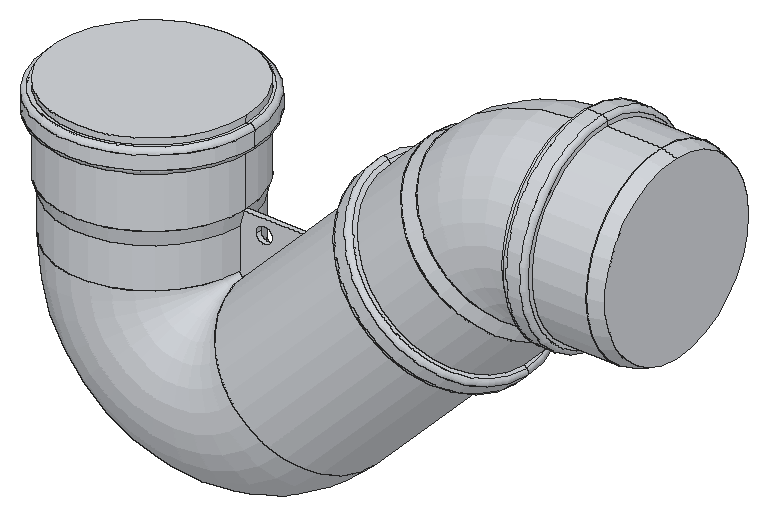
Revit family "RAUPIANO PLUS P-Trap Siphon", category Pipe Accessories, Revit 2012
Parameters (values of type "Standard")
  h4 [instance] = sin(Angle) * Radius 1  # 40.376 mm
  h3 [instance] = ((Length 1 + bmin 1) * cos(Angle)) - (Radius 1 * sin(Angle))  # 83.485 mm
  h2 [instance] = 36 mm - 2.5 mm  # 33.5 mm
  h1 [instance] = 6 mm - 2.5 mm  # 3.5 mm
  tmin 1 [instance] = 9.5 mm + 6 mm + 36 mm + bmin 1  # 56.165 mm
  re 1 [instance] = de 1 / 2  # 55.1 mm
  dst1 [instance] = 2 mm  # constant formula
  de 1 [instance] = 110.2 mm  # constant formula
  bmin 1 [instance] = (2.5 mm / tan(15.00°)) / 2  # 4.665 mm
  a3 [instance] = Radius 1 * cos(Angle)  # 40.376 mm
  a2 [instance] = (Length 1 + bmin 1) * sin(Angle)  # 123.86 mm
  a1 [instance] = Radius 1 * cos(Angle)  # 40.376 mm
  Type Comments = "RAU-PP; Push-fit; White"  # constant formula
  Thermal expansion coefficient [instance] = "0,09 mm/m.K"  # constant formula
  Temperature resistance [instance] = "90°C (continuous), 95°C (short term)"  # constant formula
  T1 = "DN 110"
  Spec Text [instance] = if(D = 110 mm, T1, Fail)  # "DN 110"
  Radius 1 [instance] = re 1 + dst1  # 57.1 mm
  Pressure resistance [instance] = "1 bar (100 kPa, 10m)"  # constant formula
  Pressure Drop [instance] = 0.00 psi
  Materialcode SAP [instance] = if(D = 110 mm, M1, Fail)  # "11230391001"
  Manufacturer = "REHAU"  # constant formula
  M1 = "11230391001"
  Loss Method = K Coefficient from Table
  Lookup Table Name = ""
  Length 2 [instance] = Length 1 - bmin 1  # 165.835 mm
  Length 1 [instance] = 170.5 mm  # constant formula
  K Coefficient Table = "Converging/Diverging Tee/Wye"
  Health and environmental impact [instance] = "Halogen-free (no F, Cl, Br, J) and 100% recyclable"  # constant formula
  Fire load [instance] = "14.992 kJ/kg"  # constant formula
  Fire behaviour [instance] = "B2 (DIN 4102); D,S3-d0 (EN 13501-1)"  # constant formula
  Fail = "No article found"
  Description = "REHAU RAUPIANO PLUS long socket"  # constant formula
  D [instance] = Nominal Diameter 1  # 110 mm
  Class [instance] = "SN4"  # constant formula
  Chemical resistance [instance] = "pH 2 - 12"  # constant formula
  Belt Thickness 1 [instance] = Dmax 1 / 2 - Sleeve Radius 1  # 5.3 mm
  Belt Radius 1 [instance] = 3 mm  # constant formula
  Belt Length 1 [instance] = 9.5 mm + 4.9 mm  # 14.4 mm
  Sleeve Radius 1 [instance] = (4.9 mm + 110.9 mm) / 2  # 57.9 mm
  Sleeve Length 1 [instance] = tmin 1 + bmin 1  # 60.83 mm
  Nominal Radius 1 [instance] = 55 mm  # constant formula
  Nominal Diameter 1 [instance] = Nominal Radius 1 * 2  # 110 mm
  Dmax 1 [instance] = 121.5 mm + 4.9 mm  # 126.4 mm
  Article No [instance] = if(D = 110 mm, A1, Fail)  # "123039-001"
  Application [instance] = "Not to be exposed to UV-radiation"  # constant formula
  Angle 3 [instance] = 45.00°  # constant formula
  Angle 2 [instance] = 180.00° - Angle  # 135.00°
  Angle [instance] = 45.00°  # constant formula
  Acoustic properties [instance] = "Rw + Ctr 42 (with industry standard suspended ceiling)"  # constant formula
  A1 = "123039-001"
  2 bmin 1 [instance] = 2.5 mm / tan(15.00°)  # 9.33 mm
Reference planes
  plane 1 "Center (Front/Back)": y = 0
  plane 2: z = 0
  plane 3 "Center (Left/Right)": x = 0
  plane 4: x = -57.9
  plane 5: x = 57.9
  plane 6: z = -3.5
  plane 7: z = -17.9
  plane 8: z = -51.4
  plane 9: z = -60.73
  plane 10: z = -56.065
  plane 11: z = -85.73
  plane 12: x = 57.1
  plane 13: x = 221.336
  plane 14: x = 97.476
  plane 15: z = -2.246
  plane 16: z = -42.621
  plane 17: y = 1.5
  plane 18: y = -1.5
  plane 19: z = -142.83
  plane 20: x = 137.852
  plane 21: x = 70.559
  plane 22: x = 84.017
Forms (mm)
  Extrusion 1, solid, detail levels fine
    sketch origin (0, 0, 0) x (1, 0, 0) y (0, 1, 0)
      loop
        circle (0, 0) r 57.9
    from -51.4 to 0
  Blend 2, solid, detail levels fine
    base sketch origin (0, 0, 0) x (1, 0, 0) y (0, 1, 0)
      loop
        circle (0, 0) r 57.9
    top sketch origin (0, 0, 0) x (1, 0, 0) y (0, 1, 0)
      loop
        circle (0, 0) r 55.1
    from -51.4 to -60.73
  Revolve 3, solid, detail levels fine
    sketch origin (0, 0, 0) x (1, 0, 0) y (0, 0, 1)
      loop
        line (57.9, -3.5) -> (57.9, -17.9) -> (60.2, -17.9)
        arc (60.2, -17.9) -> (62.321, -17.021) -> (63.2, -14.9) r 3
        line (63.2, -14.9) -> (63.2, -6.5)
        arc (63.2, -6.5) -> (62.321, -4.379) -> (60.2, -3.5) r 3
        line (60.2, -3.5) -> (57.9, -3.5)
      axis (0, -3.5) -> (0, -17.9)
    angle from 0 to 360
  Extrusion 4, solid, detail levels fine
    sketch origin (0, 0, 0) x (1, 0, 0) y (0, 1, 0)
      loop
        circle (0, 0) r 55.1
    from -60.73 to -85.73
  Sweep 5, solid, detail levels fine
    path in 3D
      loop
        arc (0, 0, -85.73) -> (35.249, 0, -138.484) -> (97.476, 0, -126.106) r 57.1
    profile origin (35.249, 0, -138.484) x (0.382683, 0, 0.92388) y (0, -1, 0)
      loop
        circle (0, 0) r 55.1
  Sweep 6, solid, detail levels fine
    path origin (97.476, 0, -126.106) x (0.707107, 0, 0.707107) y (-0.707107, 0, 0.707107)
      loop
        line (0, 0) -> (109.67, 0)
    profile origin (136.25, 0, -87.332) x (-0.707107, 0, 0.707107) y (0, -1, 0)
      loop
        circle (0, 0) r 55.1
  Revolve 7, solid, detail levels fine
    sketch origin (214.739, 0, -8.843) x (-0.707107, 0, -0.707107) y (0.707107, 0, -0.707107)
      loop
        line (38.265, 57.9) -> (52.665, 57.9) -> (52.665, 60.2)
        arc (52.665, 60.2) -> (51.786, 62.321) -> (49.665, 63.2) r 3
        line (49.665, 63.2) -> (41.265, 63.2)
        arc (41.265, 63.2) -> (39.144, 62.321) -> (38.265, 60.2) r 3
        line (38.265, 60.2) -> (38.265, 57.9)
      axis (38.265, 0) -> (52.665, 0)
    angle from 0 to 360
  Sweep 8, solid, detail levels fine
    path in 3D
      loop
        line (214.739, 0, -8.843) -> (175.024, 0, -48.558)
    profile origin (194.881, 0, -28.7) x (0.707107, 0, -0.707107) y (0, -1, 0)
      loop
        circle (0, 0) r 57.9
  SweptBlend 9, solid, detail levels fine
    path in 3D
      loop
        line (214.739, 0, -8.843) -> (221.336, 0, -2.246)
    profile origin (214.739, 0, -8.843) x (-0.707107, 0, 0.707107) y (0, -1, 0)
      loop
        circle (0, 0) r 57.9
    end profile origin (221.336, 0, -2.246) x (-0.707107, 0, 0.707107) y (0, -1, 0)
      loop
        circle (0, 0) r 55.1
  Sweep 10, solid, detail levels fine
    path in 3D
      loop
        arc (221.336, 0, -2.246) -> (239.861, 0, 10.132) -> (261.712, 0, 14.479) r 57.1
    profile origin (239.861, 0, 10.132) x (-0.382683, 0, 0.92388) y (0, -1, 0)
      loop
        circle (0, 0) r 55.1
  SweptBlend 11, solid, detail levels fine
    path in 3D
      loop
        line (322.542, 0, 14.479) -> (313.212, 0, 14.479)
    profile origin (322.542, 0, 14.479) x (0, 0, -1) y (0, -1, 0)
      loop
        circle (0, 0) r 55.1
    end profile origin (313.212, 0, 14.479) x (0, 0, -1) y (0, -1, 0)
      loop
        circle (0, 0) r 57.9
  Sweep 12, solid, detail levels fine
    path origin (261.712, 0, 14.479) x (1, 0, 0) y (0, 0, 1)
      loop
        line (0, 0) -> (51.5, 0)
    profile origin (287.462, 0, 14.479) x (0, 0, 1) y (0, -1, 0)
      loop
        circle (0, 0) r 57.9
  Revolve 13, solid, detail levels fine
    sketch origin (261.712, 0, 14.479) x (1, 0, 0) y (0, 0, 1)
      loop
        line (17.9, 57.9) -> (17.9, 60.2)
        arc (17.9, 60.2) -> (17.021, 62.321) -> (14.9, 63.2) r 3
        line (14.9, 63.2) -> (6.5, 63.2)
        arc (6.5, 63.2) -> (4.379, 62.321) -> (3.5, 60.2) r 3
        line (3.5, 60.2) -> (3.5, 57.9) -> (17.9, 57.9)
      axis (3.5, 0) -> (17.9, 0)
    angle from 0 to 360
  Extrusion 14, solid, detail levels fine
    sketch origin (0, 0, 0) x (1, 0, 0) y (0, 1, 0)
      loop
        line (0, 1.5) -> (0, -1.5) -> (137.852, -1.5) -> (137.852, 1.5) -> (0, 1.5)
    from -51.4 to -142.83
  Extrusion 15, void
    sketch origin (0, 0, 0) x (1, 0, 0) y (0, 0, 1)
      loop
        circle (70.559, -60.73) r 5
    from -150 to 150
Cuts and joins
  Extrusion 15 cuts Blend 2
  Extrusion 15 cuts Extrusion 4
  Extrusion 15 cuts Sweep 6
  Extrusion 15 cuts Extrusion 14
  joined: Blend 2, Extrusion 4, Sweep 6, Extrusion 14
Lines and regions (mm)
  reference lines
    curve 1: arc (0, 0, -85.73) -> (35.249, 0, -138.484) -> (97.476, 0, -126.106) r 57.1
    curve 2: line (97.476, 0, -126.106) -> (214.739, 0, -8.843)
    curve 4: line (214.739, 0, -8.843) -> (175.024, 0, -48.558)
    curve 5: line (146.74, 0, 5.041) -> (228.623, 0, -76.842)
    curve 6: line (136.557, 0, -5.141) -> (218.44, 0, -87.024)
    curve 8: line (214.739, 0, -8.843) -> (221.336, 0, -2.246)
    curve 9: arc (221.336, 0, -2.246) -> (239.861, 0, 10.132) -> (261.712, 0, 14.479) r 57.1
    curve 10: line (261.712, 0, 14.479) -> (322.542, 0, 14.479)
    curve 13: line (322.542, 0, 14.479) -> (313.212, 0, 14.479)
    curve 15: line (265.212, 0, 72.379) -> (265.212, 0, -43.421)
    curve 16: line (279.612, 0, -43.421) -> (279.612, 0, 72.379)
  sketch lines
    curve 3: arc (0, 0, -85.73) -> (35.249, 0, -138.484) -> (97.476, 0, -126.106) r 57.1
    curve 7: line (214.739, 0, -8.843) -> (175.024, 0, -48.558)
    curve 11: line (214.739, 0, -8.843) -> (221.336, 0, -2.246)
    curve 12: arc (221.336, 0, -2.246) -> (239.861, 0, 10.132) -> (261.712, 0, 14.479) r 57.1
    curve 14: line (322.542, 0, 14.479) -> (313.212, 0, 14.479)
  model lines, detail levels coarse+medium
    curve 17: line (261.712, 0, 14.479) -> (322.542, 0, 14.479)
    curve 19: arc (221.336, 0, -2.246) -> (239.861, 0, 10.132) -> (261.712, 0, 14.479) r 57.1
    curve 20: line (214.739, 0, -8.843) -> (221.336, 0, -2.246)
    curve 22: line (97.476, 0, -126.106) -> (214.739, 0, -8.843)
    curve 23: arc (0, 0, -85.73) -> (35.249, 0, -138.484) -> (97.476, 0, -126.106) r 57.1
    curve 24: line (0, 0, 0) -> (0, 0, -85.73)
    curve 26: line (0, 55, 0) -> (0, -55, 0)
    curve 27: line (322.542, -55, 14.479) -> (322.542, 55, 14.479)
    curve 28: line (214.739, 55, -8.843) -> (214.739, -55, -8.843)
  model lines, style "Symbol", detail levels coarse+medium
    curve 18: line (322.542, 0, 69.479) -> (322.542, 0, -40.521)
    curve 21: line (175.848, 0, 30.048) -> (253.63, 0, -47.734)
    curve 25: line (-55, 0, 0) -> (55, 0, 0)
Dimensions and locks
  equal spacing: plane 4, plane 3 "Center (Left/Right)", plane 5
  "Sleeve Radius 1": plane 3 "Center (Left/Right)" to plane 5
  equal spacing: plane 8, plane 10, plane 9
  "bmin 1": plane 8 to plane 10
  "h2": plane 7 to plane 8
  "Belt Length 1": plane 6 to plane 7
  "h1": level to plane 6
  plane 11 to plane 9 = 25 mm
  "Radius 1": plane 12 to plane 3 "Center (Left/Right)"
  "Belt Thickness 1": Revolve 3 sketch curve to Revolve 3 sketch curve
  "Length 2": curve 2 to curve 2
  "tmin 1": curve 4 to curve 4
  equal spacing: curve 6, curve 4, curve 6
  "Sleeve Radius 1": curve 4 to curve 6
  "h1": curve 4 to curve 6
  "Belt Length 1": curve 6 to curve 5
  "Belt Thickness 1": Revolve 7 sketch curve to Revolve 7 sketch curve
  "2 bmin 1": curve 8 to curve 8
  "a1": plane 14 to plane 12
  "a2": plane 13 to plane 14
  "h3": plane 15 to plane 11
  "h4": plane 15 to plane 16
  "Sleeve Length 1": curve 10 to curve 10
  "a3": curve 9 to plane 13
  locked: plane 16 to curve 9 at 0
  "2 bmin 1": curve 13 to curve 13
  equal spacing: curve 15, curve 10, curve 15
  "Sleeve Radius 1": curve 15 to curve 10
  "h1": curve 10 to curve 15
  "Belt Length 1": curve 16 to curve 15
  "Belt Thickness 1": Revolve 13 sketch curve to Revolve 13 sketch curve
  "Belt Radius 1": plane 18 to plane 17
  equal spacing: plane 18, plane 1 "Center (Front/Back)", plane 17
  "Radius 1": plane 11 to plane 19
  "a1": plane 20 to plane 14
  equal spacing: plane 14, plane 22, plane 21, plane 12
  "Nominal Diameter 1": curve 18 to curve 18
  equal spacing: curve 18, curve 10, curve 18
  "Nominal Diameter 1": curve 21 to curve 21
  equal spacing: curve 21, curve 4, curve 21
  "Nominal Diameter 1": curve 25 to curve 25
  equal spacing: curve 25, plane 3 "Center (Left/Right)", curve 25
  "Nominal Diameter 1": curve 26 to curve 26
  equal spacing: curve 26, plane 1 "Center (Front/Back)", curve 26
  equal spacing: curve 27, curve 13, curve 27
  "Nominal Diameter 1": curve 27 to curve 27
  equal spacing: curve 28, curve 2, curve 28
  "Nominal Radius 1": curve 2 to curve 28
  "Sleeve Radius 1": radius of Extrusion 1 sketch curve
  "Sleeve Radius 1": radius of Blend 2 sketch curve
  "re 1": radius of Blend 2 sketch curve
  "Belt Radius 1": radius of Revolve 3 sketch curve  (x2)
  "re 1": radius of Extrusion 4 sketch curve
  "re 1": radius of Sweep 5 sketch curve
  "re 1": radius of Sweep 6 sketch curve
  "Belt Radius 1": radius of Revolve 7 sketch curve  (x2)
  "Sleeve Radius 1": radius of Sweep 8 sketch curve
  "Radius 1": radius of curve 9
  "Sleeve Radius 1": radius of SweptBlend 9 sketch curve
  "re 1": radius of SweptBlend 9 sketch curve
  "re 1": radius of Sweep 10 sketch curve
  "re 1": radius of SweptBlend 11 sketch curve
  "Sleeve Radius 1": radius of SweptBlend 11 sketch curve
  "Sleeve Radius 1": radius of Sweep 12 sketch curve
  "Belt Radius 1": radius of Revolve 13 sketch curve  (x2)
  radius of Extrusion 15 sketch curve = 5 mm
  "Angle 2": angle curve 1 to curve 1
  "Angle": angle curve 2 to plane 3 "Center (Left/Right)"
  angle curve 4 to curve 6 = 90.00°
  "Angle 3": angle curve 9 to curve 9
  "Angle 3": angle curve 10 to curve 8
  aligned and locked: plane 2 to level
  aligned and locked: Extrusion 1 to plane 8
  aligned and locked: level to Extrusion 1
  aligned and locked: Blend 2 to plane 9
  aligned and locked: plane 8 to Blend 2
  aligned and locked: Revolve 3 sketch curve to plane 6
  aligned and locked: plane 5 to Revolve 3 sketch curve
  aligned and locked: Revolve 3 sketch curve to plane 7
  aligned and locked: Revolve 3 sketch curve to Revolve 3 sketch curve
  aligned and locked: Revolve 3 sketch curve to plane 3 "Center (Left/Right)"
  aligned and locked: Extrusion 4 to plane 9
  aligned and locked: Extrusion 4 to plane 11
  aligned and locked: plane 11 to curve 1
  aligned and locked: plane 3 "Center (Left/Right)" to curve 1
  aligned and locked: Sweep 6 sketch curve to curve 2
  aligned and locked: curve 6 to curve 5  (x2)
  aligned and locked: curve 5 to Revolve 7 sketch curve
  aligned and locked: Revolve 7 sketch curve to curve 5
  aligned and locked: curve 6 to Revolve 7 sketch curve
  aligned and locked: Revolve 7 sketch curve to Revolve 7 sketch curve
  aligned and locked: Revolve 7 sketch curve to curve 4
  aligned and locked: curve 8 to curve 2
  aligned and locked: curve 2 to curve 8
  aligned and locked: curve 13 to curve 10
  aligned and locked: Sweep 12 sketch curve to curve 10
  aligned and locked: curve 15 to curve 16  (x2)
  aligned and locked: curve 16 to Revolve 13 sketch curve
  aligned and locked: Revolve 13 sketch curve to curve 15  (x2)
  aligned and locked: Revolve 13 sketch curve to Revolve 13 sketch curve
  aligned and locked: Revolve 13 sketch curve to curve 10
  aligned and locked: Extrusion 14 sketch curve to plane 17
  aligned and locked: plane 3 "Center (Left/Right)" to Extrusion 14 sketch curve
  aligned and locked: Extrusion 14 sketch curve to plane 18
  aligned and locked: Extrusion 14 to plane 8
  aligned and locked: Extrusion 14 sketch curve to plane 20
  aligned and locked: curve 17 to curve 10
  aligned and locked: curve 18 to curve 10
  aligned and locked: curve 19 to curve 9
  aligned and locked: curve 20 to curve 8
  aligned and locked: curve 22 to curve 2
  aligned and locked: curve 23 to curve 1
  aligned and locked: level to curve 24
  aligned and locked: plane 11 to curve 24
  aligned and locked: curve 24 to plane 3 "Center (Left/Right)"
  aligned and locked: curve 25 to level
  aligned and locked: level to curve 26
  aligned and locked: curve 27 to curve 13
  aligned and locked: curve 28 to curve 2
Automatic sketch dimensions
  plane 1 "Center (Front/Back)" to Extrusion 1 sketch curve = 0 mm
  Extrusion 1 sketch curve to plane 3 "Center (Left/Right)" = 0 mm
  plane 1 "Center (Front/Back)" to Blend 2 sketch curve = 0 mm  (x2)
  Blend 2 sketch curve to plane 3 "Center (Left/Right)" = 0 mm  (x2)
  Revolve 3 sketch curve to plane 11 = 518.87 mm
  level to Revolve 3 sketch curve = 2609.058 mm
  plane 1 "Center (Front/Back)" to Extrusion 4 sketch curve = 0 mm
  Extrusion 4 sketch curve to plane 3 "Center (Left/Right)" = 0 mm
  curve 1 to plane 12 = 0 mm
  Sweep 5 sketch curve to profile plane = 0 mm  (x2)
  Sweep 6 sketch curve to curve 2 = 0 mm
  Sweep 6 sketch curve to curve 2 = 56.165 mm
  Sweep 6 sketch curve to profile plane = 0 mm
  profile plane to Sweep 6 sketch curve = 0 mm
  Revolve 7 sketch curve to curve 4 = 0 mm  (x2)
  Sweep 8 sketch curve to profile plane = 0 mm  (x2)
  SweptBlend 9 sketch curve to profile plane = 0 mm  (x2)
  profile plane to SweptBlend 9 sketch curve = 0 mm  (x2)
  Sweep 10 sketch curve to profile plane = 0 mm
  profile plane to Sweep 10 sketch curve = 0 mm
  SweptBlend 11 sketch curve to profile plane = 0 mm  (x2)
  profile plane to SweptBlend 11 sketch curve = 0 mm  (x2)
  Sweep 12 sketch curve to curve 10 = 0 mm
  Sweep 12 sketch curve to curve 10 = 9.33 mm
  Sweep 12 sketch curve to profile plane = 0 mm  (x2)
  curve 13 to curve 10 = 0 mm
  Revolve 13 sketch curve to curve 10 = 0 mm  (x2)
  Extrusion 15 sketch curve to plane 9 = 0 mm
  Extrusion 15 sketch curve to plane 21 = 0 mm
  curve 17 to curve 10 = 0 mm
  curve 8 to curve 19 = 16.724 mm
  curve 20 to curve 8 = 0 mm
  curve 4 to curve 21 = 0 mm
  curve 4 to curve 22 = 109.67 mm
  curve 23 to plane 14 = 0 mm
Connectors
  piping at (0, 0, 0), driven by "Nominal Radius 1"
    settings: on Extrusion 1, index 1, connector radius 55 mm, flow factor 0, pipe flow 0 GPM, pressure drop 0.00 psi, fitting loss kfactor 0, connector angle 0.00°, fixture units 0, engagement length 0 mm, flow configuration 0, flow direction 1, fitting loss method 4, system type 16, joint type 0, gender type 0, connector reference index 2, connector utility 0, adjustable connector no, is connector primary yes, fitting loss table "", connector description ""
  piping at (322.542, 0, 14.479), driven by "Nominal Radius 1", driven by "Pressure Drop"
    settings: on SweptBlend 11, index 2, connector radius 55 mm, flow factor 0, pipe flow 0 GPM, pressure drop 0.00 psi, fitting loss kfactor 0, connector angle 0.00°, fixture units 0, engagement length 0 mm, flow configuration 0, flow direction 2, fitting loss method 4, system type 16, joint type 0, gender type 0, connector reference index 1, connector utility 0, adjustable connector no, is connector primary no, fitting loss table "", connector description ""
